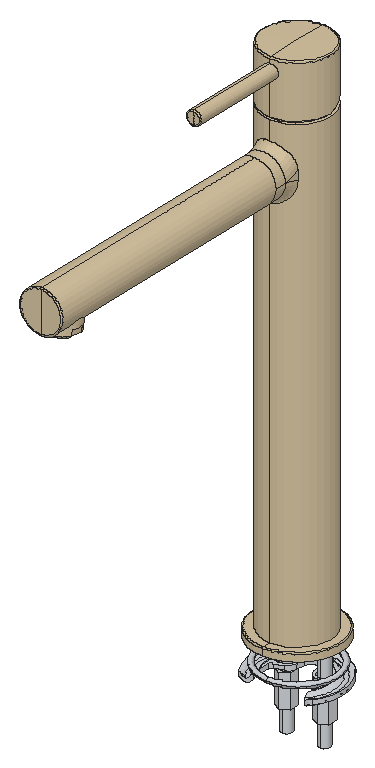
Revit family "Reece_Tap_Mizu_Drift_Basin Mixer_Straight_Extended", category Plumbing Fixtures, host Face, Revit 2018
Family settings
  Host = Face
  Round Connector Dimension = Use Diameter
  Part Type = Normal
  Cut with Voids When Loaded = No
  Shared = Yes
  Room Calculation Point = Yes
Parameters (values of type "168 mm_Brushed Brass")
  WFU = 0  # constant formula
  URL = "https://www.reece.com.au/product/-2267279"
  Type Comments = "Tap"
  Reece_Tap_Reach = 168.00 mm  # constant formula
  Reece_Tap_Inlet = 12.00 mm  # constant formula
  Reece_Tap_Clearance = 229.00 mm  # constant formula
  Reece_Product_Web Page = "https://www.reece.com.au/product/-2267279"
  Reece_Product_Type = "Tap"  # constant formula
  Reece_Product_Sub Brand = "Drift"  # constant formula
  Reece_Product_Number = "2267279"
  Reece_Product_Mount = "Hob Mounted"  # constant formula
  Reece_Product_Description = "Mizu Drift Extended Basin Mixer Tap Straight Spout Brushed Brass (6 Star)"
  Reece_Product_Brand = "Mizu"  # constant formula
  Reece_Overall_Length = 205.50 mm  # constant formula
  Reece_Overall_Height = 301.00 mm  # constant formula
  Reece_Nozzle_Pipe Radius = 10.50 mm  # constant formula
  Reece_Material_Main = Reece_Brass_Brushed
  Reece_Detail_Shape = "Straight"  # constant formula
  Reece_Detail_Installation = ""
  Reece_Detail_Disclaimer = "THIS FILE IS THE PROPERTY OF THE REECE GROUP. IT MAY NOT BE REPRODUCED, REVERSE-ENGINEERED, OR MODIFIED. ANY REPUBLICATION, TRANSMISSION, OR DISTRIBUTION FOR THE PURPOSE OF COMMERCIALLY EXPLOITING THE FILES IS PROHIBITED."  # constant formula
  Reece_Detail_Connector = ""
  Reece_Detail_Additional = "Extended"  # constant formula
  Model = "Drift"
  Manufacturer = "Mizu"
  Keynote = "Product #2267279, Reece_Tap_Mizu_Drift_Basin Mixer_Straight_Extended - 168 mm_Brushed Brass"
  HWFU = 0  # constant formula
  Disclaimer = "THIS FILE IS THE PROPERTY OF THE REECE GROUP. IT MAY NOT BE REPRODUCED, REVERSE-ENGINEERED, OR MODIFIED. ANY REPUBLICATION, TRANSMISSION, OR DISTRIBUTION FOR THE PURPOSE OF COMMERCIALLY EXPLOITING THE FILES IS PROHIBITED."  # constant formula
  Description = "Mizu Drift Extended Basin Mixer Tap Straight Spout Brushed Brass (6 Star)"
  Default Elevation = 1000.00 mm
  CWFU = 0  # constant formula
Types (5, lengths in mm): name | URL | Reece_Product_Web Page | Reece_Product_Number | Reece_Product_Description | Reece_Material_Main | Keynote | Description
  168 mm_Brushed Nickel | "https://www.reece.com.au/product/-2267239" | "https://www.reece.com.au/product/-2267239" | "2267239" | "Mizu Drift Extended Basin Mixer Tap Straight Spout Brushed Nickel (6 Star)" | Reece_Brass_Brushed Nickel | "Product #2267239, Reece_Tap_Mizu_Drift_Basin Mixer_Straight_Extended - 168 mm_Brushed Nickel" | "Mizu Drift Extended Basin Mixer Tap Straight Spout Brushed Nickel (6 Star)"
  168 mm_Chrome | "https://www.reece.com.au/product/-2267197" | "https://www.reece.com.au/product/-2267197" | "2267197" | "Mizu Drift Extended Basin Mixer Tap Straight Spout Chrome (6 Star)" | Reece_Brass_Chrome | "Product #2267197, Reece_Tap_Mizu_Drift_Basin Mixer_Straight_Extended - 168 mm_Chrome" | "Mizu Drift Extended Basin Mixer Tap Straight Spout Chrome (6 Star)"
  168 mm_Matte Black | "https://www.reece.com.au/product/-2267219" | "https://www.reece.com.au/product/-2267219" | "2267219" | "Mizu Drift Extended Basin Mixer Tap Straight Spout Matte Black (6 Star)" | Reece_Brass_Matte Black | "Product #2267219, Reece_Tap_Mizu_Drift_Basin Mixer_Straight_Extended - 168 mm_Matte Black" | "Mizu Drift Extended Basin Mixer Tap Straight Spout Matte Black (6 Star)"
  168 mm_Brushed Gunmetal | "https://www.reece.com.au/product/-2267259" | "https://www.reece.com.au/product/-2267259" | "2267259" | "Mizu Drift Extended Basin Mixer Tap Straight Spout Brushed Gunmetal (6 Star)" | Reece_Brass_Brushed Gunmetal | "Product #2267259, Reece_Tap_Mizu_Drift_Basin Mixer_Straight_Extended - 168 mm_Brushed Gunmetal" | "Mizu Drift Extended Basin Mixer Tap Straight Spout Brushed Gunmetal (6 Star)"
  168 mm_Brushed Brass | "https://www.reece.com.au/product/-2267279" | "https://www.reece.com.au/product/-2267279" | "2267279" | "Mizu Drift Extended Basin Mixer Tap Straight Spout Brushed Brass (6 Star)" | Reece_Brass_Brushed | "Product #2267279, Reece_Tap_Mizu_Drift_Basin Mixer_Straight_Extended - 168 mm_Brushed Brass" | "Mizu Drift Extended Basin Mixer Tap Straight Spout Brushed Brass (6 Star)"
Reference planes
  plane 1 "Center (Front/Back)": y = 0
  plane 2: z = 0
  plane 3 "Center (Left/Right)": x = 0
  plane 4 "Top": z = 301
  plane 5: y = 24.5
  plane 6: y = -181
  plane 7: y = -168
  plane 8: z = 229
  plane 9: through (0, -168, 229) normal (0, -0.9903, 0.1392)
Forms (mm)
  Revolve 1, solid, material "Reece_Brass_Brushed" <- "Reece_Material_Main"
    sketch origin (0, 0, 0) x (0, 1, 0) y (0, 0, 1)
      loop
        line (-19, 268.979) -> (-19, 4.5) -> (-17.5, 4.5) -> (-17.5, 7) -> (0, 7) -> (0, 275.979) -> (-13.55, 275.979) -> (-13.55, 279.664)
        arc (-13.55, 279.664) -> (-16.07, 274.573) -> (-17.057, 268.979) r 20
        line (-17.057, 268.979) -> (-19, 268.979)
      axis (0, 279.664) -> (0, 4.5)
    angle from 0 to 360
  Revolve 2, solid, material "Reece_Brass_Brushed" <- "Reece_Material_Main"
    sketch origin (0, 0, 0) x (0, 1, 0) y (0, 0, 1)
      loop
        line (-17.5, 4.5) -> (-24, 4.5)
        arc (-24, 4.5) -> (-24.354, 4.354) -> (-24.5, 4) r 0.5
        line (-24.5, 4) -> (-24.5, 0) -> (-22, 0) -> (-22, -1) -> (-18, -1) -> (-18, 2) -> (-16.5, 2) -> (-16.5, 5.5) -> (-17.5, 5.5) -> (-17.5, 4.5)
      axis (0, 5.5) -> (0, -1)
    angle from 0 to 360
  Revolve 3, solid, material "Reece_Brass_Brushed" <- "Reece_Material_Main"
    sketch origin (0, 0, 118.364) x (0, 1, 0) y (0, 0, 1)
      loop
        line (-19, 152.3) -> (-17.94, 152.3) -> (-17.5, 158.59) -> (-17.5, 162.3) -> (0, 162.3) -> (0, 182.636)
        arc (0, 182.636) -> (-9.214, 182.544) -> (-18.424, 182.269) r 465.11
        arc (-18.424, 182.269) -> (-18.833, 182.085) -> (-19, 181.67) r 0.6
        line (-19, 181.67) -> (-19, 152.3)
      axis (0, 182.636) -> (0, 152.3)
    angle from 0 to 360
  Extrusion 4, void
    sketch origin (0, 21.394, 280.113) x (0, 0.91357, 0.406681) y (1, 0, 0)
      loop
        line (14.799, 24.5) -> (-35.201, 24.5) -> (-35.201, -24.5) -> (14.799, -24.5) -> (14.799, 24.5)
    from 0 to 19
  Revolve 5, void
    sketch origin (0, 0, 114.926) x (0, 1, 0) y (0, 0, 1)
      loop
        line (17.434, 173.743) -> (17.434, 169.75) -> (20.568, 169.75) -> (20.568, 173.743) -> (17.434, 173.743)
      axis (20.568, 169.75) -> (17.434, 169.75)
    angle from 0 to 360
  Revolve 6, solid, material "Reece_Brass_Brushed" <- "Reece_Material_Main"
    sketch origin (0, 0, 114.926) x (0, 1, 0) y (0, 0, 1)
      loop
        arc (19.852, 169.75) -> (19.653, 171.536) -> (19.065, 173.234) r 8.104
        arc (19.065, 173.234) -> (18.801, 173.532) -> (18.419, 173.642) r 0.716
        line (18.419, 173.642) -> (17.555, 173.642) -> (17.555, 169.75) -> (19.852, 169.75)
      axis (17.555, 169.75) -> (19.852, 169.75)
    angle from 0 to 360
  Revolve 7, solid, material "Reece_Brass_Brushed" <- "Reece_Material_Main"
    sketch origin (0, 0, 117.364) x (0, 1, 0) y (0, 0, 1)
      loop
        line (-73.215, 176.258) -> (-11.215, 176.258) -> (-11.215, 179.458) -> (-12.015, 180.258) -> (-72.715, 180.258)
        arc (-72.715, 180.258) -> (-73.069, 180.112) -> (-73.215, 179.758) r 0.5
        line (-73.215, 179.758) -> (-73.215, 176.258)
      axis (-11.215, 176.258) -> (-73.215, 176.258)
    angle from 0 to 360
  Revolve 8, solid
    sketch origin (0, 0, 0) x (0, 1, 0) y (0, 0, 1)
      loop
        circle (22.2, -14) r 1.3
      axis (1, -14) -> (1, -13)
    angle from 0 to 360
  Extrusion 9, void
    sketch origin (0, 2, 7) x (1, 0, 0) y (0, 1, 0)
      loop
        circle (-7, -9.5) r 6.7
      loop
        circle (-10.749, 4.019) r 3.519
      loop
        circle (10.75, 4) r 3.5
      loop
        circle (7, -9.5) r 6.7
    from 0 to 4
  Extrusion 10, solid
    sketch origin (0, 2, 7) x (0, 1, 0) y (1, 0, 0)
      loop
        circle (4, 10.75) r 3
      loop
        circle (4, -10.75) r 3
    from 0 to 61.5
  Revolve 11, solid
    sketch origin (0, 0, 0) x (0, 1, 0) y (0, 0, 1)
      loop
        arc (18.75, -21.5) -> (21.75, -23) -> (24.75, -21.5) r 3.75
        line (24.75, -21.5) -> (25.75, -21.5) -> (25.75, -19)
        arc (25.75, -19) -> (24.212, -19.499) -> (22.941, -20.498) r 4.61
        arc (22.941, -20.498) -> (21.841, -21) -> (20.728, -20.527) r 1.5
        arc (20.728, -20.527) -> (19.122, -19.398) -> (17.2, -19) r 4.84
        line (17.2, -19) -> (17.2, -21.5) -> (18.75, -21.5)
      axis (0, -19) -> (0, -21.5)
    angle from 0 to 360
  Extrusion 12, solid
    sketch origin (0, 0, -23) x (1, 0, 0) y (0, 1, 0)
      loop
        arc (-9.053, 2.711) -> (-6.961, 7.197) -> (-11.447, 9.289) r 3.5
        line (-11.447, 9.289) -> (-13.326, 8.605)
        arc (-13.326, 8.605) -> (-15.418, 4.119) -> (-10.932, 2.027) r 3.5
        line (-10.932, 2.027) -> (-9.053, 2.711)
      loop
        arc (-5.01, 5.791) -> (-6.06, 3.288) -> (-8.263, 1.702) r 5
        line (-8.263, 1.702) -> (-13.684, -0.271)
        arc (-13.684, -0.271) -> (-14.638, -1.003) -> (-15, -2.15) r 2
        line (-15, -2.15) -> (-15, -8.417)
        arc (-15, -8.417) -> (0, 17.2) -> (15, -8.417) r 17.2
        line (15, -8.417) -> (15, -2.15)
        arc (15, -2.15) -> (14.638, -1.003) -> (13.684, -0.271) r 2
        line (13.684, -0.271) -> (8.263, 1.702)
        arc (8.263, 1.702) -> (6.06, 3.288) -> (5.01, 5.791) r 5
        line (5.01, 5.791) -> (4.466, 10.221)
        arc (4.466, 10.221) -> (0, 14.173) -> (-4.466, 10.221) r 4.5
        line (-4.466, 10.221) -> (-5.01, 5.791)
      loop
        arc (11.447, 9.289) -> (6.961, 7.197) -> (9.053, 2.711) r 3.5
        line (9.053, 2.711) -> (10.932, 2.027)
        arc (10.932, 2.027) -> (15.418, 4.119) -> (13.326, 8.605) r 3.5
        line (13.326, 8.605) -> (11.447, 9.289)
    from 1.5 to 4
  Extrusion 13, void
    sketch origin (0, 0, -23) x (1, 0, 0) y (0, 1, 0)
      loop
        line (27.556, -34.599) -> (27.556, -14.961) -> (20.958, -14.961)
        arc (20.958, -14.961) -> (17.049, -15.272) -> (15, -11.93) r 3.75
        line (15, -11.93) -> (15, -8.417) -> (-15, -8.417) -> (-15, -11.93)
        arc (-15, -11.93) -> (-17.049, -15.272) -> (-20.958, -14.961) r 3.75
        line (-20.958, -14.961) -> (-27.556, -14.961) -> (-27.556, -34.599) -> (27.556, -34.599)
    from 0 to 5
  Extrusion 14, solid
    sketch origin (0, 0, 0) x (1, 0, 0) y (0, 1, 0)
      loop
        circle (10.75, 6) r 3
      loop
        line (10.75, 11.196) -> (6.25, 8.598) -> (6.25, 3.402) -> (10.75, 0.804) -> (15.25, 3.402) -> (15.25, 8.598) -> (10.75, 11.196)
      loop
        circle (-10.75, 6) r 3
      loop
        line (-10.75, 11.196) -> (-15.25, 8.598) -> (-15.25, 3.402) -> (-10.75, 0.804) -> (-6.25, 3.402) -> (-6.25, 8.598) -> (-10.75, 11.196)
    from -41.5 to -23
  Extrusion 15, void
    sketch origin (0, 0, 0) x (1, 0, 0) y (0, 1, 0)
      loop
        circle (0, 0) r 22
    from 0 to -35
  Sweep 16, solid, material "Reece_Brass_Brushed" <- "Reece_Material_Main"
    path origin (0, -0.313, 117.5) x (0, 1, 0) y (0, 0, 1)
      loop
        line (-29.929, 137.5) -> (-23.438, 137.5)
        arc (-23.438, 137.5) -> (-19.902, 138.964) -> (-18.438, 142.5) r 5
        line (-18.438, 142.5) -> (-18.438, 147.5)
    profile origin (0, -26.996, 255) x (0, 0, 1) y (1, 0, 0)
      loop
        arc (-12, -12) -> (0, 0) -> (-12, 12) r 12
        line (-12, 12) -> (-12, -12)
  Sweep 17, solid, material "Reece_Brass_Brushed" <- "Reece_Material_Main"
    path origin (0, -0.312, 368.5) x (0, 1, 0) y (0, 0, -1)
      loop
        line (-29.929, 137.5) -> (-23.438, 137.5)
        arc (-23.438, 137.5) -> (-19.902, 138.964) -> (-18.438, 142.5) r 5
        line (-18.438, 142.5) -> (-18.438, 147.5)
    profile origin (0, -26.996, 231) x (0, 0, 1) y (1, 0, 0)
      loop
        line (12, -12) -> (12, 12)
        arc (12, 12) -> (0, 0) -> (12, -12) r 12
  Revolve 18, solid, material "Reece_Brass_Brushed" <- "Reece_Material_Main"
    sketch origin (0, -47.035, 118) x (0, 1, 0) y (0, 0, 1)
      loop
        line (16.793, 137) -> (-133.465, 137)
        arc (-133.465, 137) -> (-133.819, 136.854) -> (-133.965, 136.5) r 0.5
        line (-133.965, 136.5) -> (-133.965, 125) -> (16.793, 125) -> (16.793, 137)
      axis (16.793, 125) -> (-133.965, 125)
    angle from 0 to 360
  Revolve 19, solid, material "Reece_Brass_Brushed" <- "Reece_Material_Main"
    sketch origin (0, -47.035, 116) x (0, 1, 0) y (0, 0, 1)
      loop
        arc (-131.328, 114.956) -> (-131.232, 114.586) -> (-130.903, 114.392) r 0.5
        line (-130.903, 114.392) -> (-121, 113) -> (-118.324, 132.044) -> (-128.721, 133.505) -> (-131.328, 114.956)
      axis (-121, 113) -> (-118.324, 132.044)
    angle from 0 to 360
  Revolve 20, void
    sketch origin (0, -47.035, 116) x (0, 1, 0) y (0, 0, 1)
      loop
        line (-128.023, 114.365) -> (-129.064, 114.512) -> (-129.194, 113.586) -> (-128.153, 113.44) -> (-128.023, 114.365)
      axis (-121.078, 112.446) -> (-120.939, 113.436)
    angle from 0 to 360
  Extrusion 21, void
    sketch origin (0, -47.035, 116) x (0, 1, 0) y (0, 0, 1)
      loop
        line (-116.403, 116.238) -> (-124.512, 117.474) -> (-125.375, 111.811) -> (-117.134, 110.554) -> (-116.403, 116.238)
    from -11.747 to -9
  Extrusion 22, void
    sketch origin (0, -47.035, 116) x (0, 1, 0) y (0, 0, -1)
      loop
        line (-116.403, -116.238) -> (-117.134, -110.554) -> (-125.375, -111.811) -> (-124.512, -117.474) -> (-116.403, -116.238)
    from -11.747 to -9
  Extrusion 23, solid, material "Reece_Brass_Brushed" <- "Reece_Material_Main"
    sketch origin (0, 0, 0) x (0, 1, 0) y (0, 0, 1)
      loop
        arc (-23.75, 243) -> (-11.729, 238.021) -> (-6.75, 226) r 17
        line (-6.75, 226) -> (-6.75, 260)
        arc (-6.75, 260) -> (-11.729, 247.979) -> (-23.75, 243) r 17
    from -12 to 12
Cuts and joins
  Extrusion 9 cuts Extrusion 10
  joined: Extrusion 10, Extrusion 14
  Extrusion 13 cuts Revolve 11
  Extrusion 9, Revolve 20 cuts Revolve 1
  Extrusion 9, Revolve 20 cuts Revolve 2
  Extrusion 4, Revolve 5, Revolve 20 cuts Revolve 3
  Revolve 20 cuts Revolve 7
  Revolve 20 cuts Sweep 16
  Revolve 20 cuts Sweep 17
  Revolve 20 cuts Revolve 18
  Revolve 20, Extrusion 21, Extrusion 22 cuts Revolve 19
  joined: Revolve 1, Revolve 2, Revolve 3, Revolve 7, Sweep 16, Sweep 17, Revolve 18, Revolve 19, Extrusion 23
Lines and regions (mm)
  reference lines
    curve 1: line (0, 42.299, 289.419) -> (0, 0.166, 270.664)
Text (mm)
  text "Reece Copyright © 2018, Reece Ltd." at (-1403.988, -292.393, 0), in view "Ref. Level"
  text "Reece ©" at (-66.876, 161.614, 206.269), in view "Reece Preview"
Dimensions and locks
  locked: Revolve 1 sketch curve to Revolve 1 sketch curve at 2.5
  Revolve 1 sketch curve to Revolve 1 sketch curve = 19.00 mm
  Revolve 2 sketch curve to Revolve 2 sketch curve = 24.50 mm
  locked: Revolve 2 sketch curve to Revolve 2 sketch curve at 2.5
  locked: Revolve 2 sketch curve to Revolve 2 sketch curve at 3.5
  locked: Revolve 2 sketch curve to Revolve 2 sketch curve at 1
  Revolve 2 sketch curve to Revolve 2 sketch curve = 17.50 mm
  locked: Revolve 2 sketch curve to Revolve 2 sketch curve at 1.5
  Extrusion 4 sketch curve to curve 1 to Extrusion 4 sketch curve = 24.50 mm, 24.50 mm
  locked: Revolve 7 sketch curve to Revolve 7 sketch curve at 4
  "Reece_Overall_Height": plane 4 "Top" to level
  "Reece_Tap_Reach": plane 1 "Center (Front/Back)" to plane 7
  "Reece_Tap_Clearance": plane 8 to level
  "Reece_Overall_Length": plane 5 to plane 6
  angle plane 7 to plane 9 = 8.00°
  aligned and locked: plane 2 to host face
  aligned and locked: level to host face
  aligned and locked: Revolve 3 sketch curve to Revolve 3 sketch curve
Automatic sketch dimensions
  host sketch curve to host sketch curve = 380.785 mm
  host sketch curve to host sketch curve = 317.421 mm
  curve 1 to plane 1 "Center (Front/Back)" = 0.166 mm
  Revolve 5 sketch curve to plane 1 "Center (Front/Back)" = 17.434 mm
  Revolve 5 sketch curve to Revolve 5 sketch curve = 3.134 mm
  Revolve 5 sketch curve to plane 4 "Top" = 16.324 mm
  Revolve 5 sketch curve to Revolve 5 sketch curve = 3.993 mm
  Revolve 5 sketch curve to Revolve 5 sketch curve = 2.864 mm
  Revolve 5 sketch curve to Revolve 5 sketch curve = 4.002 mm
  Revolve 5 sketch curve to Revolve 5 sketch curve = 0.00 mm
  Revolve 6 sketch curve to plane 1 "Center (Front/Back)" = 11.748 mm
  Revolve 6 sketch curve to Revolve 6 sketch curve = 5.807 mm
  Revolve 6 sketch curve to Revolve 6 sketch curve = 0.864 mm
  Revolve 6 sketch curve to Revolve 6 sketch curve = 2.297 mm
  Revolve 6 sketch curve to plane 4 "Top" = 16.324 mm
  Revolve 6 sketch curve to Revolve 6 sketch curve = 3.177 mm
  Revolve 6 sketch curve to Revolve 6 sketch curve = 0.716 mm
  Revolve 6 sketch curve to Revolve 6 sketch curve = 1.775 mm
  Revolve 6 sketch curve to Revolve 6 sketch curve = 5.654 mm
  Revolve 6 sketch curve to Revolve 6 sketch curve = 0.00 mm
  Revolve 7 sketch curve to plane 4 "Top" = 7.378 mm
  plane 1 "Center (Front/Back)" to Revolve 7 sketch curve = 73.215 mm
  Revolve 7 sketch curve to Revolve 7 sketch curve = 0.50 mm
  plane 1 "Center (Front/Back)" to Revolve 7 sketch curve = 12.015 mm
  Revolve 7 sketch curve to Revolve 7 sketch curve = 0.80 mm  (x2)
  Revolve 7 sketch curve to Revolve 7 sketch curve = 1.412 mm
  Revolve 7 sketch curve to plane 1 "Center (Front/Back)" = 0.187 mm
  Revolve 7 sketch curve to Revolve 7 sketch curve = 0.00 mm
  Revolve 8 sketch curve to plane 1 "Center (Front/Back)" = 22.20 mm
  Revolve 8 sketch curve to level = 14.00 mm  (x2)
  Revolve 8 sketch curve to plane 1 "Center (Front/Back)" = 1.00 mm
  Revolve 8 sketch curve to Revolve 8 sketch curve = 4.102 mm
  Revolve 1 to Extrusion 9 sketch curve = 10.749 mm
  Revolve 1 to Extrusion 9 sketch curve = 7.00 mm
  Extrusion 9 sketch curve to Revolve 1 = 7.00 mm
  Extrusion 9 sketch curve to Revolve 1 = 10.75 mm
  Extrusion 9 sketch curve to Extrusion 9 sketch curve = 0.00 mm
  Extrusion 9 sketch curve to Extrusion 9 sketch curve = 13.50 mm
  Extrusion 9 sketch curve to Extrusion 9 sketch curve = 13.519 mm
  Revolve 1 to Extrusion 10 sketch curve = 10.75 mm
  Extrusion 10 sketch curve to Extrusion 10 sketch curve = 0.00 mm
  Extrusion 10 sketch curve to Revolve 1 = 10.75 mm
  Revolve 11 sketch curve to plane 1 "Center (Front/Back)" = 0.00 mm
  Revolve 11 sketch curve to plane 1 "Center (Front/Back)" = 17.20 mm
  Revolve 11 sketch curve to Revolve 11 sketch curve = 1.55 mm
  Revolve 11 sketch curve to Revolve 11 sketch curve = 3.00 mm
  Revolve 11 sketch curve to Revolve 11 sketch curve = 0.072 mm
  Revolve 11 sketch curve to Revolve 11 sketch curve = 2.928 mm
  Revolve 11 sketch curve to Revolve 11 sketch curve = 1.00 mm
  Revolve 11 sketch curve to Revolve 11 sketch curve = 0.632 mm
  Revolve 11 sketch curve to level = 23.84 mm
  Revolve 11 sketch curve to Revolve 11 sketch curve = 0.274 mm
  Revolve 11 sketch curve to Revolve 11 sketch curve = 2.34 mm
  Revolve 11 sketch curve to Revolve 11 sketch curve = 2.00 mm
  Revolve 11 sketch curve to Revolve 11 sketch curve = 0.25 mm
  Revolve 11 sketch curve to Revolve 11 sketch curve = 2.50 mm  (x2)
  Revolve 11 sketch curve to Revolve 11 sketch curve = 0.00 mm
  Revolve 11 sketch curve to Revolve 11 sketch curve = 316.97 mm
  plane 4 "Top" to Revolve 11 sketch curve = 635.832 mm
  plane 1 "Center (Front/Back)" to Extrusion 12 sketch curve = 0.00 mm
  Extrusion 12 sketch curve to plane 3 "Center (Left/Right)" = 0.00 mm  (x2)
  Extrusion 12 sketch curve to plane 3 "Center (Left/Right)" = 4.466 mm
  Extrusion 12 sketch curve to Extrusion 12 sketch curve = 0.544 mm  (x2)
  Extrusion 12 sketch curve to plane 1 "Center (Front/Back)" = 1.702 mm  (x2)
  Extrusion 12 sketch curve to Extrusion 12 sketch curve = 3.253 mm  (x2)
  Extrusion 12 sketch curve to plane 1 "Center (Front/Back)" = 2.711 mm
  Extrusion 12 sketch curve to Extrusion 12 sketch curve = 0.79 mm  (x2)
  Extrusion 12 sketch curve to Extrusion 12 sketch curve = 0.92 mm  (x2)
  Extrusion 12 sketch curve to Extrusion 12 sketch curve = 0.277 mm  (x2)
  Extrusion 12 sketch curve to plane 1 "Center (Front/Back)" = 2.027 mm  (x2)
  Extrusion 12 sketch curve to Extrusion 12 sketch curve = 1.879 mm  (x6)
  Extrusion 12 sketch curve to Extrusion 12 sketch curve = 1.474 mm  (x2)
  Extrusion 12 sketch curve to Extrusion 12 sketch curve = 2.068 mm  (x2)
  Extrusion 12 sketch curve to plane 1 "Center (Front/Back)" = 8.605 mm
  plane 1 "Center (Front/Back)" to Extrusion 12 sketch curve = 0.271 mm  (x2)
  Extrusion 12 sketch curve to Extrusion 12 sketch curve = 0.684 mm  (x2)
  Extrusion 12 sketch curve to Extrusion 12 sketch curve = 2.00 mm
  plane 3 "Center (Left/Right)" to Extrusion 12 sketch curve = 4.466 mm
  plane 1 "Center (Front/Back)" to Extrusion 12 sketch curve = 2.15 mm
  Extrusion 12 sketch curve to Extrusion 12 sketch curve = 6.266 mm
  Extrusion 12 sketch curve to Extrusion 12 sketch curve = 1.009 mm
  Extrusion 12 sketch curve to Extrusion 12 sketch curve = 3.289 mm
  Extrusion 12 sketch curve to Extrusion 12 sketch curve = 3.08 mm  (x2)
  Extrusion 12 sketch curve to Extrusion 12 sketch curve = 0.401 mm  (x2)
  Extrusion 12 sketch curve to Extrusion 12 sketch curve = 3.882 mm
  Extrusion 12 sketch curve to Extrusion 12 sketch curve = 4.43 mm
  Extrusion 13 sketch curve to plane 3 "Center (Left/Right)" = 27.556 mm
  Extrusion 13 sketch curve to Extrusion 13 sketch curve = 6.599 mm  (x2)
  Extrusion 13 sketch curve to Extrusion 13 sketch curve = 2.208 mm  (x2)
  Extrusion 13 sketch curve to Extrusion 13 sketch curve = 3.75 mm  (x2)
  plane 3 "Center (Left/Right)" to Extrusion 13 sketch curve = 15.00 mm
  plane 1 "Center (Front/Back)" to Extrusion 13 sketch curve = 34.599 mm
  plane 1 "Center (Front/Back)" to Extrusion 13 sketch curve = 14.961 mm  (x2)
  Extrusion 13 sketch curve to Extrusion 13 sketch curve = 3.514 mm
  Extrusion 14 sketch curve to plane 3 "Center (Left/Right)" = 15.25 mm
  Extrusion 14 sketch curve to plane 1 "Center (Front/Back)" = 0.804 mm  (x2)
  Extrusion 14 sketch curve to Extrusion 14 sketch curve = 4.50 mm  (x6)
  Extrusion 14 sketch curve to Extrusion 14 sketch curve = 0.00 mm  (x2)
  plane 3 "Center (Left/Right)" to Extrusion 14 sketch curve = 6.25 mm
  Extrusion 14 sketch curve to plane 1 "Center (Front/Back)" = 3.402 mm  (x4)
  Extrusion 14 sketch curve to Extrusion 14 sketch curve = 5.196 mm  (x7)
  Extrusion 14 sketch curve to Extrusion 14 sketch curve = 2.598 mm
  Extrusion 15 sketch curve to Extrusion 15 sketch curve = 0.00 mm  (x2)
  Extrusion 15 sketch curve to plane 3 "Center (Left/Right)" = 0.00 mm
  plane 1 "Center (Front/Back)" to Extrusion 15 sketch curve = 0.00 mm
  plane 1 "Center (Front/Back)" to Extrusion 15 sketch curve = 22.00 mm
  Revolve 1 sketch curve to plane 1 "Center (Front/Back)" = 0.00 mm  (x2)
  Revolve 1 sketch curve to Revolve 1 sketch curve = 1.50 mm
  Revolve 1 sketch curve to Revolve 1 sketch curve = 1.943 mm
  Revolve 1 sketch curve to Revolve 1 sketch curve = 3.507 mm
  Revolve 1 sketch curve to plane 1 "Center (Front/Back)" = 2.932 mm
  level to Revolve 1 sketch curve = 4.50 mm
  Revolve 1 sketch curve to Revolve 1 sketch curve = 0.644 mm
  Revolve 1 sketch curve to level = 340.81 mm
  plane 4 "Top" to Revolve 1 sketch curve = 2203.37 mm
  Revolve 2 sketch curve to level = 0.00 mm
  Revolve 2 sketch curve to plane 1 "Center (Front/Back)" = 0.00 mm
  Revolve 2 sketch curve to Revolve 2 sketch curve = 0.50 mm
  Revolve 2 sketch curve to level = 1.00 mm
  level to Revolve 2 sketch curve = 2.00 mm
  Revolve 2 sketch curve to Revolve 2 sketch curve = 4.00 mm
  Revolve 2 sketch curve to Revolve 2 sketch curve = 339.81 mm
  plane 4 "Top" to Revolve 2 sketch curve = 2203.37 mm
  Extrusion 4 sketch curve to curve 1 = 11.965 mm
  Extrusion 4 sketch curve to curve 1 = 8.083 mm
  Revolve 1 sketch curve to Revolve 1 sketch curve = 7.644 mm
  curve 1 to plane 5 = 17.799 mm
  curve 1 to plane 4 "Top" = 11.581 mm
  Revolve 3 sketch curve to plane 1 "Center (Front/Back)" = 0.00 mm
  Revolve 3 sketch curve to plane 4 "Top" = 0.00 mm
  plane 1 "Center (Front/Back)" to Revolve 3 sketch curve = 17.50 mm
  Revolve 3 sketch curve to Revolve 3 sketch curve = 0.44 mm
  Revolve 3 sketch curve to plane 4 "Top" = 0.967 mm
  Revolve 3 sketch curve to Revolve 3 sketch curve = 1.06 mm
  Revolve 3 sketch curve to plane 1 "Center (Front/Back)" = 0.055 mm
  Revolve 3 sketch curve to Revolve 3 sketch curve = 19.37 mm
  Revolve 3 sketch curve to Revolve 3 sketch curve = 3.71 mm
  Revolve 3 sketch curve to Revolve 3 sketch curve = 6.29 mm
  Revolve 3 sketch curve to plane 4 "Top" = 0.367 mm
  Revolve 3 sketch curve to Revolve 3 sketch curve = 0.00 mm
  Revolve 3 sketch curve to Revolve 3 sketch curve = 58.336 mm
  plane 4 "Top" to Revolve 3 sketch curve = 2177.727 mm
  plane 1 "Center (Front/Back)" to Sweep 16 sketch curve = 23.75 mm
  Sweep 16 sketch curve to Sweep 16 sketch curve = 5.00 mm  (x2)
  Sweep 16 sketch curve to Sweep 16 sketch curve = 6.491 mm
  Sweep 16 sketch curve to profile plane = 0.00 mm
  profile plane to Sweep 16 sketch curve = 12.00 mm
  Sweep 16 sketch curve to profile plane = 12.00 mm
  Sweep 17 sketch curve to plane 1 "Center (Front/Back)" = 23.75 mm
  Sweep 17 sketch curve to Sweep 17 sketch curve = 5.00 mm  (x2)
  Sweep 17 sketch curve to Sweep 17 sketch curve = 6.491 mm
  Sweep 17 sketch curve to profile plane = 0.00 mm
  Sweep 17 sketch curve to profile plane = 12.00 mm
  Sweep 17 sketch curve to Sweep 17 sketch curve = 12.00 mm
  Revolve 19 sketch curve to Revolve 19 sketch curve = 0.426 mm
  Revolve 19 sketch curve to Revolve 19 sketch curve = 0.07 mm
  Revolve 19 sketch curve to Revolve 19 sketch curve = 2.607 mm
  Revolve 19 sketch curve to Revolve 19 sketch curve = 9.903 mm
  Revolve 19 sketch curve to Revolve 19 sketch curve = 10.398 mm
  Revolve 19 sketch curve to Revolve 19 sketch curve = 1.392 mm
  Revolve 19 sketch curve to Revolve 19 sketch curve = 1.812 mm
  Revolve 19 sketch curve to Revolve 19 sketch curve = 0.706 mm
  Revolve 19 sketch curve to Revolve 19 sketch curve = 12.891 mm
  Revolve 19 sketch curve to Revolve 19 sketch curve = 5.022 mm
  Revolve 20 sketch curve to Revolve 20 sketch curve = 0.13 mm
  Revolve 20 sketch curve to Revolve 20 sketch curve = 1.041 mm
  level to Revolve 20 sketch curve = 229.44 mm
  Revolve 20 sketch curve to Revolve 20 sketch curve = 0.146 mm
  Revolve 20 sketch curve to Revolve 20 sketch curve = 6.918 mm
  Revolve 20 sketch curve to Revolve 20 sketch curve = 0.607 mm
  Revolve 20 sketch curve to Revolve 20 sketch curve = 2.11 mm
  Revolve 20 sketch curve to Revolve 20 sketch curve = 4.32 mm
  Extrusion 21 sketch curve to Extrusion 21 sketch curve = 0.863 mm
  Extrusion 21 sketch curve to Extrusion 21 sketch curve = 8.241 mm
  Extrusion 21 sketch curve to Extrusion 21 sketch curve = 0.732 mm
  level to Extrusion 21 sketch curve = 226.554 mm
  Extrusion 21 sketch curve to Extrusion 21 sketch curve = 1.256 mm
  Extrusion 22 sketch curve to Extrusion 22 sketch curve = 0.863 mm
  Extrusion 22 sketch curve to Extrusion 22 sketch curve = 8.241 mm
  Extrusion 22 sketch curve to Extrusion 22 sketch curve = 0.732 mm
  level to Extrusion 22 sketch curve = 233.474 mm
  Extrusion 22 sketch curve to Extrusion 22 sketch curve = 1.236 mm
  Sweep 17 sketch curve to level = 231.00 mm
  level to Revolve 19 sketch curve = 229.00 mm
  curve 1 to plane 4 "Top" = 30.336 mm
  Revolve 1 sketch curve to plane 4 "Top" = 32.665 mm
  level to Sweep 16 sketch curve = 255.00 mm
  plane 1 "Center (Front/Back)" to Revolve 19 sketch curve = 178.363 mm
  plane 1 "Center (Front/Back)" to Revolve 20 sketch curve = 176.229 mm
  plane 1 "Center (Front/Back)" to Extrusion 21 sketch curve = 172.41 mm
  plane 1 "Center (Front/Back)" to Extrusion 22 sketch curve = 172.41 mm
  Revolve 18 sketch curve to plane 6 = 0.00 mm
  Revolve 18 sketch curve to plane 6 = 0.50 mm
  plane 8 to Revolve 18 sketch curve = 26.00 mm
  plane 1 "Center (Front/Back)" to Revolve 18 sketch curve = 30.241 mm
  Revolve 18 sketch curve to Revolve 18 sketch curve = 11.50 mm
  plane 8 to Revolve 18 sketch curve = 14.00 mm
  Revolve 18 sketch curve to Revolve 18 sketch curve = 43.217 mm
  Revolve 18 sketch curve to Revolve 18 sketch curve = 46.722 mm
  Extrusion 23 sketch curve to plane 8 = 3.00 mm
  plane 1 "Center (Front/Back)" to Extrusion 23 sketch curve = 23.75 mm
  Extrusion 23 sketch curve to Extrusion 23 sketch curve = 0.00 mm  (x2)
  plane 8 to Extrusion 23 sketch curve = 31.00 mm
  plane 1 "Center (Front/Back)" to Extrusion 23 sketch curve = 6.75 mm
  radius of Revolve 8 sketch curve = 1.30 mm
  radius of Extrusion 9 sketch curve = 6.70 mm  (x2)
  radius of Extrusion 9 sketch curve = 3.519 mm
  radius of Extrusion 9 sketch curve = 3.50 mm
  radius of Extrusion 10 sketch curve = 3.00 mm  (x2)
  radius of Extrusion 14 sketch curve = 3.00 mm  (x2)
Connectors
  piping at (7, -7.5, 11), diameter 12, driven by "Reece_Tap_Inlet"
    settings: on cut or joined group 1 (Revolve 1, Revolve 2, Revolve 3, Extrusion 4, Revolve 5, Revolve 7, Extrusion 9, Sweep 16, Sweep 17, Revolve 18, Revolve 19, Revolve 20, Extrusion 21, Extrusion 22, Extrusion 23), index 1, connector inside diameter 609.6 mm, connector length 0.00 mm, flow factor 0, pipe flow 0.0 L/s, pressure drop 0.0 Pa, fitting loss kfactor 0, connector angle 0.00°, fixture units 0, engagement length 0.00 mm, angle of deflection 0.00°, flow configuration 0, flow direction 2, fitting loss method 0, system type 29, joint type 0, gender type 0, connector reference index -1, connector utility 0, adjustable connector no, is connector primary yes, connector description ""
  piping at (-7, -7.5, 11), diameter 12, driven by "Reece_Tap_Inlet"
    settings: on cut or joined group 1, index 2, connector inside diameter 609.6 mm, connector length 0.00 mm, flow factor 0, pipe flow 0.0 L/s, pressure drop 0.0 Pa, fitting loss kfactor 0, connector angle 0.00°, fixture units 0, engagement length 0.00 mm, angle of deflection 0.00°, flow configuration 0, flow direction 2, fitting loss method 0, system type 29, joint type 0, gender type 0, connector reference index -1, connector utility 0, adjustable connector no, is connector primary no, connector description ""
